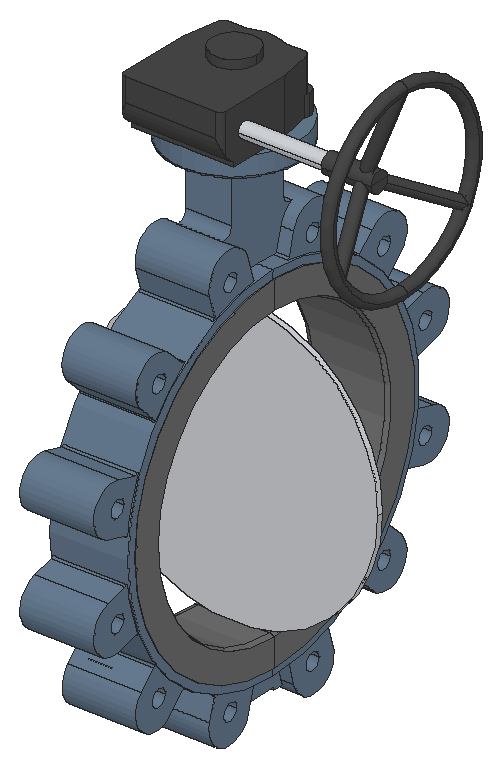
Revit family "HERZ Isolating Butterfly Valves AF-4219 with gearbox", category Rohrzubehör, Revit 2020 (continued)
Dimensions and locks
  "L03": plane 3 "Mitte (Links/rechts)" to Revolve 6 sketch curve
  "L02": Revolve 6 sketch curve to plane 3 "Mitte (Links/rechts)"
  "L03": Revolve 6 sketch curve to plane 3 "Mitte (Links/rechts)"
  "L01": plane 3 "Mitte (Links/rechts)" to Revolve 1 sketch curve
  "D02": Revolve 1 sketch curve to plane 2
  "L02": plane 3 "Mitte (Links/rechts)" to Revolve 6 sketch curve
  "D03": plane 2 to Revolve 6 sketch curve
  "L04": Revolve 6 sketch curve to plane 3 "Mitte (Links/rechts)" to Revolve 6 sketch curve
  "L01": curve 2 to plane 3 "Mitte (Links/rechts)" to curve 4
  equal spacing: curve 3, curve 6, curve 1
  equal spacing: curve 2, curve 6, curve 4
  "D01": curve 1 to plane 1 "Mitte (Vorne/hinten)" to curve 3
  "L01": curve 7 to curve 12 to curve 9
  "D01": curve 10 to curve 12 to curve 8
  "R99": radius of Revolve 2 sketch curve
  "D06": radius of Extrusion 7 sketch curve
  radius of curve 6 = 5 mm
  radius of curve 12 = 5 mm
  aligned and locked: level to plane 2
Automatic sketch dimensions
  Extrusion 3 sketch curve to Extrusion 3 sketch curve = 0 mm  (x20)
  Extrusion 3 sketch curve to level = 0 mm
  Extrusion 3 sketch curve to plane 1 "Mitte (Vorne/hinten)" = 0 mm
  plane 1 "Mitte (Vorne/hinten)" to Extrusion 3 sketch curve = 18.495 mm  (x2)
  Extrusion 3 sketch curve to Extrusion 3 sketch curve = 1.414 mm  (x16)
  Extrusion 3 sketch curve to Extrusion 3 sketch curve = 12.265 mm  (x8)
  Extrusion 3 sketch curve to level = 19.909 mm  (x2)
  Extrusion 3 sketch curve to Extrusion 3 sketch curve = 24.042 mm  (x8)
  level to Extrusion 3 sketch curve = 19.909 mm  (x2)
  Extrusion 3 sketch curve to Extrusion 3 sketch curve = 12.021 mm  (x12)
  Extrusion 3 sketch curve to plane 1 "Mitte (Vorne/hinten)" = 18.495 mm  (x2)
  Extrusion 3 sketch curve to Extrusion 3 sketch curve = 0.934 mm  (x4)
  Extrusion 4 sketch curve to level = 0 mm
  Extrusion 4 sketch curve to plane 1 "Mitte (Vorne/hinten)" = 0 mm
  plane 1 "Mitte (Vorne/hinten)" to Extrusion 4 sketch curve = 18.495 mm
  Extrusion 4 sketch curve to Extrusion 4 sketch curve = 1.414 mm  (x4)
  plane 1 "Mitte (Vorne/hinten)" to Extrusion 4 sketch curve = 20 mm
  Extrusion 4 sketch curve to Extrusion 4 sketch curve = 12.265 mm  (x2)
  Extrusion 4 sketch curve to Extrusion 4 sketch curve = 15 mm  (x2)
  Extrusion 4 sketch curve to Extrusion 4 sketch curve = 12.021 mm  (x4)
  Extrusion 4 sketch curve to plane 1 "Mitte (Vorne/hinten)" = 18.495 mm
  Extrusion 4 sketch curve to plane 1 "Mitte (Vorne/hinten)" = 20 mm
  level to Extrusion 4 sketch curve = 43.95 mm
  Extrusion 4 sketch curve to Extrusion 4 sketch curve = 0 mm
  Extrusion 4 sketch curve to Extrusion 4 sketch curve = 0.244 mm  (x2)
  Extrusion 4 sketch curve to Extrusion 4 sketch curve = 18.63 mm  (x2)
  Extrusion 4 sketch curve to Extrusion 4 sketch curve = 0.934 mm
  Extrusion 5 sketch curve to level = 0 mm
  Extrusion 5 sketch curve to plane 1 "Mitte (Vorne/hinten)" = 0 mm
  plane 1 "Mitte (Vorne/hinten)" to Extrusion 5 sketch curve = 15 mm
  Extrusion 5 sketch curve to Extrusion 5 sketch curve = 1.963 mm  (x2)
  Extrusion 5 sketch curve to Extrusion 5 sketch curve = 1.531 mm  (x2)
  Extrusion 5 sketch curve to Extrusion 5 sketch curve = 1.414 mm  (x4)
  Extrusion 5 sketch curve to Extrusion 5 sketch curve = 15.21 mm  (x2)
  Extrusion 5 sketch curve to Extrusion 5 sketch curve = 1.66 mm  (x2)
  Extrusion 5 sketch curve to Extrusion 5 sketch curve = 12.021 mm  (x3)
  Extrusion 5 sketch curve to plane 1 "Mitte (Vorne/hinten)" = 15 mm
  Extrusion 5 sketch curve to Extrusion 5 sketch curve = 1.037 mm  (x2)
  Extrusion 5 sketch curve to Extrusion 5 sketch curve = 1.4 mm  (x2)
  Extrusion 5 sketch curve to Extrusion 5 sketch curve = 1.785 mm  (x2)
  Extrusion 5 sketch curve to Extrusion 5 sketch curve = 12.635 mm  (x2)
  Extrusion 5 sketch curve to Extrusion 5 sketch curve = 0.934 mm
  Extrusion 5 sketch curve to Extrusion 5 sketch curve = 0.788 mm  (x2)
  Extrusion 5 sketch curve to Extrusion 5 sketch curve = 0 mm  (x2)
  Extrusion 4 sketch curve to Extrusion 4 sketch curve = 37.155 mm
  Extrusion 5 sketch curve to level = 43.95 mm
  Extrusion 8 sketch curve to Extrusion 8 sketch curve = 0 mm  (x12)
  Extrusion 8 sketch curve to level = 39.244 mm  (x2)
  plane 1 "Mitte (Vorne/hinten)" to Extrusion 8 sketch curve = 63.286 mm
  level to Extrusion 8 sketch curve = 39.244 mm  (x2)
  Extrusion 8 sketch curve to Extrusion 8 sketch curve = 9.19 mm  (x2)
  level to Extrusion 8 sketch curve = 28.614 mm  (x2)
  Extrusion 8 sketch curve to Extrusion 8 sketch curve = 1.441 mm  (x8)
  Extrusion 8 sketch curve to level = 28.614 mm  (x2)
  Extrusion 8 sketch curve to Extrusion 8 sketch curve = 12.021 mm  (x6)
  level to Extrusion 8 sketch curve = 63.286 mm  (x2)
  Extrusion 8 sketch curve to level = 63.286 mm  (x2)
  level to Extrusion 8 sketch curve = 52.636 mm  (x2)
  Extrusion 8 sketch curve to Extrusion 8 sketch curve = 10.65 mm  (x4)
  Extrusion 8 sketch curve to level = 52.636 mm  (x2)
  Extrusion 8 sketch curve to Extrusion 8 sketch curve = 1.414 mm  (x8)
  level to Extrusion 8 sketch curve = 0.001 mm  (x2)
  Extrusion 8 sketch curve to Extrusion 8 sketch curve = 28.594 mm
  Extrusion 8 sketch curve to level = 0.001 mm  (x2)
  Extrusion 8 sketch curve to Extrusion 8 sketch curve = 0.001 mm  (x2)
  Extrusion 8 sketch curve to Extrusion 8 sketch curve = 54.361 mm  (x2)
  Extrusion 8 sketch curve to Extrusion 8 sketch curve = 1.39 mm  (x2)
  Extrusion 8 sketch curve to Extrusion 8 sketch curve = 10.63 mm  (x2)
  Extrusion 8 sketch curve to Extrusion 8 sketch curve = 1.832 mm  (x2)
  Extrusion 9 sketch curve to Extrusion 9 sketch curve = 0 mm  (x5)
  Extrusion 9 sketch curve to level = 0 mm
  Extrusion 9 sketch curve to level = 51.265 mm
  plane 1 "Mitte (Vorne/hinten)" to Extrusion 9 sketch curve = 51.265 mm
  level to Extrusion 9 sketch curve = 51.265 mm
  Extrusion 9 sketch curve to Extrusion 9 sketch curve = 9.247 mm  (x3)
  Extrusion 9 sketch curve to level = 63.286 mm  (x2)
  Extrusion 9 sketch curve to Extrusion 9 sketch curve = 2.774 mm  (x4)
  level to Extrusion 9 sketch curve = 63.286 mm  (x2)
  Extrusion 9 sketch curve to Extrusion 9 sketch curve = 2.244 mm  (x2)
  Extrusion 9 sketch curve to Extrusion 9 sketch curve = 0.183 mm  (x2)
  level to Extrusion 9 sketch curve = 52.636 mm  (x2)
  Extrusion 9 sketch curve to Extrusion 9 sketch curve = 10.65 mm  (x3)
  Extrusion 9 sketch curve to level = 52.636 mm  (x2)
  Extrusion 9 sketch curve to Extrusion 9 sketch curve = 1.414 mm  (x8)
  Extrusion 9 sketch curve to Extrusion 9 sketch curve = 14.817 mm  (x2)
  Extrusion 9 sketch curve to Extrusion 9 sketch curve = 7.21 mm
  Extrusion 9 sketch curve to Extrusion 9 sketch curve = 1.971 mm
  Extrusion 9 sketch curve to Extrusion 9 sketch curve = 28.595 mm
  Extrusion 9 sketch curve to Extrusion 9 sketch curve = 36 mm
  Extrusion 9 sketch curve to Extrusion 9 sketch curve = 1.997 mm
  Extrusion 9 sketch curve to Extrusion 9 sketch curve = 44 mm
  Extrusion 9 sketch curve to Extrusion 9 sketch curve = 5.181 mm
  Extrusion 9 sketch curve to Extrusion 9 sketch curve = 7.184 mm
  Extrusion 9 sketch curve to Extrusion 9 sketch curve = 12.021 mm  (x2)
  Extrusion 9 sketch curve to Extrusion 9 sketch curve = 14.891 mm
  Extrusion 9 sketch curve to Extrusion 9 sketch curve = 6.473 mm
  Extrusion 9 sketch curve to Extrusion 9 sketch curve = 12.756 mm  (x2)
  Extrusion 9 sketch curve to Extrusion 9 sketch curve = 55.987 mm
  Extrusion 10 sketch curve to Extrusion 10 sketch curve = 0 mm  (x48)
  level to Extrusion 10 sketch curve = 14.909 mm  (x2)
  plane 1 "Mitte (Vorne/hinten)" to Extrusion 10 sketch curve = 80.416 mm
  Extrusion 10 sketch curve to level = 14.909 mm  (x2)
  Extrusion 10 sketch curve to Extrusion 10 sketch curve = 6.506 mm  (x6)
  Extrusion 10 sketch curve to level = 46.321 mm  (x2)
  level to Extrusion 10 sketch curve = 46.321 mm  (x2)
  Extrusion 10 sketch curve to level = 7.243 mm
  Extrusion 10 sketch curve to Extrusion 10 sketch curve = 13.321 mm
  level to Extrusion 10 sketch curve = 7.243 mm
  Extrusion 10 sketch curve to level = 9.076 mm  (x2)
  Extrusion 10 sketch curve to Extrusion 10 sketch curve = 0.759 mm  (x8)
  level to Extrusion 10 sketch curve = 9.076 mm  (x2)
  level to Extrusion 10 sketch curve = 40.487 mm  (x2)
  Extrusion 10 sketch curve to Extrusion 10 sketch curve = 14.082 mm  (x4)
  Extrusion 10 sketch curve to level = 40.487 mm  (x2)
  Extrusion 10 sketch curve to Extrusion 10 sketch curve = 0.758 mm  (x8)
  level to Extrusion 10 sketch curve = 67.405 mm  (x2)
  Extrusion 10 sketch curve to Extrusion 10 sketch curve = 6.243 mm  (x2)
  Extrusion 10 sketch curve to level = 67.405 mm  (x2)
  Extrusion 10 sketch curve to Extrusion 10 sketch curve = 10.245 mm  (x4)
  level to Extrusion 10 sketch curve = 53.322 mm  (x2)
  Extrusion 10 sketch curve to Extrusion 10 sketch curve = 1.831 mm  (x8)
  Extrusion 10 sketch curve to level = 53.322 mm  (x2)
  Extrusion 10 sketch curve to Extrusion 10 sketch curve = 15.706 mm  (x6)
  level to Extrusion 10 sketch curve = 80.416 mm  (x2)
  Extrusion 10 sketch curve to level = 80.416 mm  (x2)
  Extrusion 10 sketch curve to level = 66.335 mm  (x2)
  Extrusion 10 sketch curve to Extrusion 10 sketch curve = 5.832 mm  (x4)
  level to Extrusion 10 sketch curve = 66.335 mm  (x2)
  Extrusion 10 sketch curve to Extrusion 10 sketch curve = 1.833 mm  (x6)
  level to Extrusion 10 sketch curve = 0 mm
  Extrusion 10 sketch curve to Extrusion 10 sketch curve = 14.486 mm  (x2)
  Extrusion 10 sketch curve to Extrusion 10 sketch curve = 9.873 mm  (x2)
  Extrusion 10 sketch curve to Extrusion 10 sketch curve = 5.833 mm  (x2)
  Extrusion 10 sketch curve to Extrusion 10 sketch curve = 13.013 mm
  Extrusion 10 sketch curve to Extrusion 10 sketch curve = 14.081 mm  (x2)
  Extrusion 10 sketch curve to Extrusion 10 sketch curve = 1.973 mm  (x4)
  Extrusion 10 sketch curve to Extrusion 10 sketch curve = 1.544 mm  (x4)
  Extrusion 10 sketch curve to Extrusion 10 sketch curve = 1.243 mm  (x3)
  Extrusion 10 sketch curve to Extrusion 10 sketch curve = 0.211 mm  (x2)
  Extrusion 10 sketch curve to Extrusion 10 sketch curve = 0.002 mm  (x5)
  Extrusion 10 sketch curve to Extrusion 10 sketch curve = 0.213 mm  (x2)
  Extrusion 10 sketch curve to Extrusion 10 sketch curve = 41.076 mm
  Extrusion 10 sketch curve to level = 0 mm
  level to Extrusion 11 sketch curve = 100.814 mm
  plane 1 "Mitte (Vorne/hinten)" to Extrusion 11 sketch curve = 32 mm
  Extrusion 11 sketch curve to Extrusion 11 sketch curve = 1.385 mm
  Extrusion 11 sketch curve to Extrusion 11 sketch curve = 10 mm  (x2)
  Extrusion 11 sketch curve to level = 80.416 mm
  Extrusion 11 sketch curve to Extrusion 11 sketch curve = 15.706 mm  (x3)
  level to Extrusion 11 sketch curve = 80.416 mm  (x2)
  Extrusion 11 sketch curve to Extrusion 11 sketch curve = 1.409 mm
  Extrusion 11 sketch curve to level = 66.335 mm  (x2)
  Extrusion 11 sketch curve to Extrusion 11 sketch curve = 5.832 mm  (x3)
  level to Extrusion 11 sketch curve = 66.335 mm  (x2)
  Extrusion 11 sketch curve to Extrusion 11 sketch curve = 1.833 mm  (x4)
  level to Extrusion 11 sketch curve = 0.554 mm
  Extrusion 11 sketch curve to Extrusion 11 sketch curve = 9.076 mm
  Extrusion 11 sketch curve to level = 0.554 mm
  Extrusion 11 sketch curve to Extrusion 11 sketch curve = 0 mm  (x3)
  Extrusion 11 sketch curve to Extrusion 11 sketch curve = 14.486 mm  (x2)
  Extrusion 11 sketch curve to Extrusion 11 sketch curve = 44 mm
  Extrusion 11 sketch curve to Extrusion 11 sketch curve = 0.759 mm  (x4)
  Extrusion 11 sketch curve to Extrusion 11 sketch curve = 6.506 mm
  Extrusion 11 sketch curve to Extrusion 11 sketch curve = 42.686 mm
  Extrusion 11 sketch curve to level = 80.371 mm
  Extrusion 11 sketch curve to Extrusion 11 sketch curve = 1.39 mm
  Extrusion 11 sketch curve to Extrusion 11 sketch curve = 27 mm
  Extrusion 12 sketch curve to Extrusion 12 sketch curve = 0 mm  (x40)
  Extrusion 12 sketch curve to level = 0 mm
  level to Extrusion 12 sketch curve = 18.736 mm  (x2)
  plane 1 "Mitte (Vorne/hinten)" to Extrusion 12 sketch curve = 89.655 mm
  Extrusion 12 sketch curve to level = 18.736 mm  (x2)
  Extrusion 12 sketch curve to Extrusion 12 sketch curve = 6.506 mm  (x6)
  Extrusion 12 sketch curve to level = 50.147 mm  (x2)
  level to Extrusion 12 sketch curve = 50.147 mm  (x2)
  Extrusion 12 sketch curve to Extrusion 12 sketch curve = 13.415 mm  (x2)
  Extrusion 12 sketch curve to level = 12.858 mm  (x2)
  Extrusion 12 sketch curve to Extrusion 12 sketch curve = 0.776 mm  (x8)
  level to Extrusion 12 sketch curve = 12.858 mm  (x2)
  Extrusion 12 sketch curve to level = 44.269 mm  (x2)
  Extrusion 12 sketch curve to Extrusion 12 sketch curve = 14.192 mm  (x4)
  level to Extrusion 12 sketch curve = 44.269 mm  (x2)
  Extrusion 12 sketch curve to Extrusion 12 sketch curve = 0.775 mm  (x8)
  level to Extrusion 12 sketch curve = 76.644 mm  (x2)
  Extrusion 12 sketch curve to Extrusion 12 sketch curve = 11.529 mm  (x2)
  Extrusion 12 sketch curve to level = 76.644 mm  (x2)
  Extrusion 12 sketch curve to Extrusion 12 sketch curve = 4.008 mm  (x2)
  level to Extrusion 12 sketch curve = 62.451 mm  (x2)
  Extrusion 12 sketch curve to Extrusion 12 sketch curve = 1.871 mm  (x8)
  Extrusion 12 sketch curve to level = 62.451 mm  (x2)
  Extrusion 12 sketch curve to Extrusion 12 sketch curve = 15.706 mm  (x6)
  level to Extrusion 12 sketch curve = 89.655 mm  (x2)
  Extrusion 12 sketch curve to level = 89.655 mm  (x2)
  Extrusion 12 sketch curve to level = 75.464 mm  (x2)
  Extrusion 12 sketch curve to Extrusion 12 sketch curve = 5.878 mm  (x4)
  level to Extrusion 12 sketch curve = 75.464 mm  (x2)
  Extrusion 12 sketch curve to Extrusion 12 sketch curve = 1.873 mm  (x8)
  Extrusion 12 sketch curve to Extrusion 12 sketch curve = 21.969 mm  (x2)
  Extrusion 12 sketch curve to Extrusion 12 sketch curve = 9.827 mm  (x2)
  Extrusion 12 sketch curve to Extrusion 12 sketch curve = 5.879 mm  (x2)
  Extrusion 12 sketch curve to Extrusion 12 sketch curve = 15.537 mm  (x2)
  Extrusion 12 sketch curve to Extrusion 12 sketch curve = 13.013 mm
  Extrusion 12 sketch curve to Extrusion 12 sketch curve = 14.19 mm  (x2)
  Extrusion 12 sketch curve to Extrusion 12 sketch curve = 44.269 mm
  Extrusion 13 sketch curve to Extrusion 13 sketch curve = 0 mm  (x5)
  Extrusion 13 sketch curve to level = 0 mm
  level to Extrusion 13 sketch curve = 114.47 mm
  plane 1 "Mitte (Vorne/hinten)" to Extrusion 13 sketch curve = 41 mm
  Extrusion 13 sketch curve to level = 83.149 mm
  Extrusion 13 sketch curve to Extrusion 13 sketch curve = 6.558 mm  (x2)
  Extrusion 13 sketch curve to Extrusion 13 sketch curve = 15 mm  (x2)
  level to Extrusion 13 sketch curve = 89.655 mm  (x2)
  Extrusion 13 sketch curve to Extrusion 13 sketch curve = 15.706 mm  (x2)
  Extrusion 13 sketch curve to Extrusion 13 sketch curve = 5.236 mm  (x2)
  level to Extrusion 13 sketch curve = 75.464 mm  (x2)
  Extrusion 13 sketch curve to Extrusion 13 sketch curve = 5.878 mm  (x3)
  Extrusion 13 sketch curve to level = 75.464 mm  (x2)
  Extrusion 13 sketch curve to Extrusion 13 sketch curve = 1.873 mm  (x4)
  Extrusion 13 sketch curve to Extrusion 13 sketch curve = 12.858 mm
  Extrusion 13 sketch curve to Extrusion 13 sketch curve = 21.969 mm
  Extrusion 13 sketch curve to Extrusion 13 sketch curve = 3.345 mm
  Extrusion 13 sketch curve to Extrusion 13 sketch curve = 3 mm  (x2)
  Extrusion 13 sketch curve to Extrusion 13 sketch curve = 6.506 mm  (x3)
  Extrusion 13 sketch curve to Extrusion 13 sketch curve = 0.776 mm  (x4)
  Extrusion 13 sketch curve to Extrusion 13 sketch curve = 31.321 mm
  Extrusion 13 sketch curve to Extrusion 13 sketch curve = 52.53 mm
  Extrusion 13 sketch curve to Extrusion 13 sketch curve = 11.129 mm  (x2)
  Extrusion 13 sketch curve to Extrusion 13 sketch curve = 9.812 mm  (x2)
  Extrusion 13 sketch curve to Extrusion 13 sketch curve = 3.078 mm
  Extrusion 13 sketch curve to Extrusion 13 sketch curve = 21.68 mm
  Extrusion 13 sketch curve to Extrusion 13 sketch curve = 2.515 mm
  Extrusion 13 sketch curve to Extrusion 13 sketch curve = 52 mm
  Extrusion 14 sketch curve to Extrusion 14 sketch curve = 0 mm  (x22)
  Extrusion 14 sketch curve to level = 24.476 mm  (x2)
  plane 1 "Mitte (Vorne/hinten)" to Extrusion 14 sketch curve = 103.513 mm
  level to Extrusion 14 sketch curve = 24.476 mm  (x2)
  Extrusion 14 sketch curve to Extrusion 14 sketch curve = 6.506 mm  (x6)
  Extrusion 14 sketch curve to Extrusion 14 sketch curve = 11.623 mm  (x2)
  Extrusion 14 sketch curve to level = 19.351 mm  (x2)
  Extrusion 14 sketch curve to Extrusion 14 sketch curve = 0.749 mm  (x8)
  level to Extrusion 14 sketch curve = 19.351 mm  (x2)
  Extrusion 14 sketch curve to level = 55.888 mm  (x2)
  level to Extrusion 14 sketch curve = 55.888 mm  (x2)
  Extrusion 14 sketch curve to level = 50.783 mm  (x2)
  Extrusion 14 sketch curve to Extrusion 14 sketch curve = 12.323 mm  (x4)
  level to Extrusion 14 sketch curve = 50.783 mm  (x2)
  Extrusion 14 sketch curve to Extrusion 14 sketch curve = 0.774 mm  (x8)
  level to Extrusion 14 sketch curve = 90.502 mm  (x2)
  Extrusion 14 sketch curve to Extrusion 14 sketch curve = 21.517 mm  (x2)
  Extrusion 14 sketch curve to level = 90.502 mm  (x2)
  Extrusion 14 sketch curve to Extrusion 14 sketch curve = 3.235 mm  (x2)
  Extrusion 14 sketch curve to level = 78.179 mm  (x2)
  Extrusion 14 sketch curve to Extrusion 14 sketch curve = 1.869 mm  (x8)
  level to Extrusion 14 sketch curve = 78.179 mm  (x2)
  Extrusion 14 sketch curve to Extrusion 14 sketch curve = 15.706 mm  (x6)
  level to Extrusion 14 sketch curve = 103.513 mm  (x2)
  Extrusion 14 sketch curve to level = 103.513 mm  (x2)
  level to Extrusion 14 sketch curve = 91.141 mm  (x2)
  Extrusion 14 sketch curve to Extrusion 14 sketch curve = 5.125 mm  (x4)
  Extrusion 14 sketch curve to level = 91.141 mm  (x2)
  Extrusion 14 sketch curve to Extrusion 14 sketch curve = 1.809 mm  (x8)
  Extrusion 14 sketch curve to level = 0.103 mm  (x2)
  Extrusion 14 sketch curve to Extrusion 14 sketch curve = 90.896 mm
  level to Extrusion 14 sketch curve = 0.103 mm  (x2)
  Extrusion 14 sketch curve to Extrusion 14 sketch curve = 0.142 mm  (x7)
  Extrusion 14 sketch curve to Extrusion 14 sketch curve = 0.207 mm  (x2)
  Extrusion 14 sketch curve to Extrusion 14 sketch curve = 35.084 mm  (x2)
  Extrusion 14 sketch curve to Extrusion 14 sketch curve = 10.601 mm  (x2)
  Extrusion 14 sketch curve to Extrusion 14 sketch curve = 5.104 mm  (x2)
  Extrusion 14 sketch curve to Extrusion 14 sketch curve = 24.752 mm  (x2)
  Extrusion 14 sketch curve to Extrusion 14 sketch curve = 12.962 mm  (x2)
  Extrusion 14 sketch curve to Extrusion 14 sketch curve = 12.372 mm  (x2)
  Extrusion 14 sketch curve to level = 0.245 mm
  Extrusion 14 sketch curve to Extrusion 14 sketch curve = 1.933 mm  (x2)
  Extrusion 14 sketch curve to Extrusion 14 sketch curve = 0.314 mm  (x2)
  level to Extrusion 15 sketch curve = 97.007 mm
  plane 1 "Mitte (Vorne/hinten)" to Extrusion 15 sketch curve = 40.182 mm
  Extrusion 15 sketch curve to level = 97.007 mm
  Extrusion 15 sketch curve to Extrusion 15 sketch curve = 0 mm  (x7)
  Extrusion 15 sketch curve to Extrusion 15 sketch curve = 4.132 mm
  Extrusion 15 sketch curve to Extrusion 15 sketch curve = 10.048 mm  (x2)
  Extrusion 15 sketch curve to Extrusion 15 sketch curve = 15.706 mm  (x3)
  level to Extrusion 15 sketch curve = 103.513 mm  (x2)
  level to Extrusion 15 sketch curve = 91.141 mm  (x2)
  Extrusion 15 sketch curve to Extrusion 15 sketch curve = 5.125 mm  (x3)
  Extrusion 15 sketch curve to level = 91.141 mm  (x2)
  Extrusion 15 sketch curve to Extrusion 15 sketch curve = 1.809 mm  (x4)
  Extrusion 15 sketch curve to Extrusion 15 sketch curve = 10.974 mm  (x2)
  Extrusion 15 sketch curve to level = 0.111 mm
  Extrusion 15 sketch curve to Extrusion 15 sketch curve = 19.35 mm
  level to Extrusion 15 sketch curve = 0.111 mm
  Extrusion 15 sketch curve to Extrusion 15 sketch curve = 35.081 mm
  Extrusion 15 sketch curve to Extrusion 15 sketch curve = 4.041 mm
  Extrusion 15 sketch curve to level = 103.513 mm
  Extrusion 15 sketch curve to Extrusion 15 sketch curve = 9.998 mm  (x2)
  Extrusion 15 sketch curve to Extrusion 15 sketch curve = 3 mm
  Extrusion 15 sketch curve to Extrusion 15 sketch curve = 6.505 mm  (x2)
  Extrusion 15 sketch curve to Extrusion 15 sketch curve = 0.749 mm  (x4)
  Extrusion 15 sketch curve to Extrusion 15 sketch curve = 20.176 mm  (x2)
  Extrusion 15 sketch curve to Extrusion 15 sketch curve = 62.311 mm
  Extrusion 15 sketch curve to Extrusion 15 sketch curve = 0.048 mm
  Extrusion 15 sketch curve to Extrusion 15 sketch curve = 11.626 mm  (x2)
  Extrusion 15 sketch curve to Extrusion 15 sketch curve = 27 mm
  Extrusion 15 sketch curve to Extrusion 15 sketch curve = 52 mm
  Extrusion 16 sketch curve to Extrusion 16 sketch curve = 0 mm  (x23)
  Extrusion 16 sketch curve to level = 26.521 mm  (x2)
  plane 1 "Mitte (Vorne/hinten)" to Extrusion 16 sketch curve = 118.902 mm
  level to Extrusion 16 sketch curve = 26.521 mm  (x2)
  Extrusion 16 sketch curve to Extrusion 16 sketch curve = 8.036 mm  (x6)
  Extrusion 16 sketch curve to Extrusion 16 sketch curve = 15.875 mm  (x2)
  level to Extrusion 16 sketch curve = 65.323 mm  (x2)
  Extrusion 16 sketch curve to level = 65.323 mm  (x2)
  level to Extrusion 16 sketch curve = 19.621 mm  (x2)
  Extrusion 16 sketch curve to Extrusion 16 sketch curve = 0.782 mm  (x8)
  Extrusion 16 sketch curve to level = 19.621 mm  (x2)
  Extrusion 16 sketch curve to level = 58.409 mm  (x2)
  Extrusion 16 sketch curve to Extrusion 16 sketch curve = 16.693 mm  (x4)
  level to Extrusion 16 sketch curve = 58.409 mm  (x2)
  Extrusion 16 sketch curve to Extrusion 16 sketch curve = 0.763 mm  (x8)
  Extrusion 16 sketch curve to level = 102.829 mm  (x2)
  Extrusion 16 sketch curve to Extrusion 16 sketch curve = 20.05 mm  (x2)
  level to Extrusion 16 sketch curve = 102.829 mm  (x2)
  Extrusion 16 sketch curve to Extrusion 16 sketch curve = 5.074 mm  (x2)
  level to Extrusion 16 sketch curve = 86.136 mm  (x2)
  Extrusion 16 sketch curve to Extrusion 16 sketch curve = 1.841 mm  (x8)
  Extrusion 16 sketch curve to level = 86.136 mm  (x2)
  Extrusion 16 sketch curve to Extrusion 16 sketch curve = 19.401 mm  (x6)
  level to Extrusion 16 sketch curve = 118.902 mm  (x2)
  Extrusion 16 sketch curve to level = 118.902 mm  (x2)
  level to Extrusion 16 sketch curve = 102.246 mm  (x2)
  Extrusion 16 sketch curve to Extrusion 16 sketch curve = 6.899 mm  (x4)
  Extrusion 16 sketch curve to level = 102.246 mm  (x2)
  Extrusion 16 sketch curve to Extrusion 16 sketch curve = 1.887 mm  (x8)
  level to Extrusion 16 sketch curve = 0.002 mm  (x2)
  Extrusion 16 sketch curve to Extrusion 16 sketch curve = 86.133 mm
  Extrusion 16 sketch curve to level = 0.002 mm
  Extrusion 16 sketch curve to Extrusion 16 sketch curve = 0.001 mm  (x8)
  Extrusion 16 sketch curve to Extrusion 16 sketch curve = 35.469 mm  (x2)
  Extrusion 16 sketch curve to Extrusion 16 sketch curve = 12.487 mm  (x2)
  Extrusion 16 sketch curve to Extrusion 16 sketch curve = 6.914 mm  (x2)
  Extrusion 16 sketch curve to Extrusion 16 sketch curve = 25.124 mm  (x2)
  Extrusion 16 sketch curve to Extrusion 16 sketch curve = 16.11 mm
  Extrusion 16 sketch curve to Extrusion 16 sketch curve = 16.656 mm  (x2)
  Extrusion 16 sketch curve to level = 0.003 mm
  Extrusion 16 sketch curve to Extrusion 16 sketch curve = 2.019 mm  (x2)
  Extrusion 16 sketch curve to Extrusion 16 sketch curve = 0.309 mm  (x2)
  Extrusion 16 sketch curve to Extrusion 16 sketch curve = 0.004 mm  (x2)
  Extrusion 17 sketch curve to Extrusion 17 sketch curve = 0 mm  (x7)
  Extrusion 17 sketch curve to level = 0 mm
  Extrusion 17 sketch curve to plane 1 "Mitte (Vorne/hinten)" = 0 mm
  plane 1 "Mitte (Vorne/hinten)" to Extrusion 17 sketch curve = 13.5 mm
  plane 1 "Mitte (Vorne/hinten)" to Extrusion 17 sketch curve = 17.734 mm  (x2)
  Extrusion 17 sketch curve to Extrusion 17 sketch curve = 1.887 mm  (x4)
  plane 1 "Mitte (Vorne/hinten)" to Extrusion 17 sketch curve = 26 mm
  Extrusion 17 sketch curve to Extrusion 17 sketch curve = 0.521 mm
  Extrusion 17 sketch curve to Extrusion 17 sketch curve = 13.021 mm  (x2)
  Extrusion 17 sketch curve to Extrusion 17 sketch curve = 4.341 mm  (x2)
  Extrusion 17 sketch curve to Extrusion 17 sketch curve = 10 mm  (x2)
  Extrusion 17 sketch curve to Extrusion 17 sketch curve = 19.401 mm  (x4)
  Extrusion 17 sketch curve to plane 1 "Mitte (Vorne/hinten)" = 13.5 mm
  Extrusion 17 sketch curve to plane 1 "Mitte (Vorne/hinten)" = 17.734 mm  (x2)
  Extrusion 17 sketch curve to Extrusion 17 sketch curve = 6.899 mm
  Extrusion 17 sketch curve to level = 102.246 mm
  Extrusion 17 sketch curve to Extrusion 17 sketch curve = 0.782 mm  (x4)
  Extrusion 17 sketch curve to Extrusion 17 sketch curve = 8.62 mm  (x4)
  Extrusion 17 sketch curve to Extrusion 17 sketch curve = 16.656 mm  (x4)
  Extrusion 17 sketch curve to Extrusion 17 sketch curve = 3 mm
  level to Extrusion 17 sketch curve = 102.246 mm
  Extrusion 17 sketch curve to Extrusion 17 sketch curve = 16.098 mm  (x2)
  Extrusion 17 sketch curve to Extrusion 17 sketch curve = 64 mm
  Extrusion 17 sketch curve to Extrusion 17 sketch curve = 4.938 mm
  Extrusion 18 sketch curve to Extrusion 18 sketch curve = 0 mm  (x62)
  Extrusion 18 sketch curve to level = 0 mm
  Extrusion 18 sketch curve to level = 17.891 mm  (x2)
  plane 1 "Mitte (Vorne/hinten)" to Extrusion 18 sketch curve = 147.909 mm
  level to Extrusion 18 sketch curve = 17.891 mm  (x2)
  Extrusion 18 sketch curve to Extrusion 18 sketch curve = 5.435 mm  (x6)
  Extrusion 18 sketch curve to level = 58.46 mm  (x2)
  level to Extrusion 18 sketch curve = 58.46 mm  (x2)
  Extrusion 18 sketch curve to Extrusion 18 sketch curve = 15.462 mm  (x2)
  level to Extrusion 18 sketch curve = 13.612 mm  (x2)
  Extrusion 18 sketch curve to Extrusion 18 sketch curve = 0.509 mm  (x8)
  Extrusion 18 sketch curve to level = 13.612 mm  (x2)
  Extrusion 18 sketch curve to level = 54.199 mm  (x2)
  Extrusion 18 sketch curve to Extrusion 18 sketch curve = 15.903 mm  (x4)
  level to Extrusion 18 sketch curve = 54.199 mm  (x2)
  Extrusion 18 sketch curve to Extrusion 18 sketch curve = 0.53 mm  (x8)
  Extrusion 18 sketch curve to level = 89.449 mm  (x2)
  Extrusion 18 sketch curve to Extrusion 18 sketch curve = 1.459 mm  (x2)
  level to Extrusion 18 sketch curve = 89.449 mm  (x2)
  Extrusion 18 sketch curve to Extrusion 18 sketch curve = 10.302 mm  (x2)
  Extrusion 18 sketch curve to level = 77.758 mm  (x2)
  Extrusion 18 sketch curve to Extrusion 18 sketch curve = 1.389 mm  (x8)
  level to Extrusion 18 sketch curve = 77.758 mm  (x2)
  Extrusion 18 sketch curve to Extrusion 18 sketch curve = 14.849 mm  (x6)
  Extrusion 18 sketch curve to level = 119.147 mm  (x2)
  level to Extrusion 18 sketch curve = 119.147 mm  (x2)
  level to Extrusion 18 sketch curve = 107.506 mm  (x2)
  Extrusion 18 sketch curve to Extrusion 18 sketch curve = 11.642 mm  (x4)
  Extrusion 18 sketch curve to level = 107.506 mm  (x2)
  Extrusion 18 sketch curve to Extrusion 18 sketch curve = 1.448 mm  (x8)
  level to Extrusion 18 sketch curve = 137.039 mm  (x2)
  Extrusion 18 sketch curve to Extrusion 18 sketch curve = 17.899 mm  (x2)
  Extrusion 18 sketch curve to level = 137.039 mm  (x2)
  Extrusion 18 sketch curve to Extrusion 18 sketch curve = 2.283 mm  (x2)
  Extrusion 18 sketch curve to level = 121.136 mm  (x2)
  Extrusion 18 sketch curve to Extrusion 18 sketch curve = 1.978 mm  (x8)
  level to Extrusion 18 sketch curve = 121.136 mm  (x2)
  Extrusion 18 sketch curve to Extrusion 18 sketch curve = 20.284 mm  (x6)
  Extrusion 18 sketch curve to level = 147.909 mm  (x2)
  level to Extrusion 18 sketch curve = 147.909 mm  (x2)
  level to Extrusion 18 sketch curve = 131.939 mm  (x2)
  Extrusion 18 sketch curve to Extrusion 18 sketch curve = 4.279 mm  (x4)
  Extrusion 18 sketch curve to level = 131.939 mm  (x2)
  Extrusion 18 sketch curve to Extrusion 18 sketch curve = 1.898 mm  (x8)
  Extrusion 18 sketch curve to Extrusion 18 sketch curve = 13.612 mm
  Extrusion 18 sketch curve to Extrusion 18 sketch curve = 23.429 mm  (x2)
  Extrusion 18 sketch curve to Extrusion 18 sketch curve = 16.023 mm  (x2)
  Extrusion 18 sketch curve to Extrusion 18 sketch curve = 4.261 mm  (x2)
  Extrusion 18 sketch curve to Extrusion 18 sketch curve = 20.183 mm  (x2)
  Extrusion 18 sketch curve to Extrusion 18 sketch curve = 3.158 mm  (x2)
  Extrusion 18 sketch curve to Extrusion 18 sketch curve = 11.691 mm  (x2)
  Extrusion 18 sketch curve to Extrusion 18 sketch curve = 11.76 mm  (x2)
  Extrusion 18 sketch curve to Extrusion 18 sketch curve = 10.803 mm
  Extrusion 18 sketch curve to Extrusion 18 sketch curve = 15.97 mm  (x2)
  Extrusion 19 sketch curve to Extrusion 19 sketch curve = 0 mm  (x5)
  Extrusion 19 sketch curve to level = 0 mm
  Extrusion 19 sketch curve to level = 142.474 mm
  plane 1 "Mitte (Vorne/hinten)" to Extrusion 19 sketch curve = 38.176 mm
  level to Extrusion 19 sketch curve = 142.474 mm
  Extrusion 19 sketch curve to Extrusion 19 sketch curve = 8.163 mm
  Extrusion 19 sketch curve to Extrusion 19 sketch curve = 2.013 mm  (x2)
  Extrusion 19 sketch curve to level = 147.909 mm
  Extrusion 19 sketch curve to Extrusion 19 sketch curve = 20.284 mm  (x3)
  level to Extrusion 19 sketch curve = 147.909 mm  (x2)
  Extrusion 19 sketch curve to Extrusion 19 sketch curve = 10.109 mm
  Extrusion 19 sketch curve to level = 131.939 mm  (x2)
  Extrusion 19 sketch curve to Extrusion 19 sketch curve = 4.279 mm  (x4)
  level to Extrusion 19 sketch curve = 131.939 mm  (x2)
  Extrusion 19 sketch curve to Extrusion 19 sketch curve = 1.898 mm  (x4)
  Extrusion 19 sketch curve to Extrusion 19 sketch curve = 13.612 mm
  Extrusion 19 sketch curve to Extrusion 19 sketch curve = 23.429 mm  (x2)
  Extrusion 19 sketch curve to Extrusion 19 sketch curve = 56 mm
  Extrusion 19 sketch curve to Extrusion 19 sketch curve = 5.435 mm  (x2)
  Extrusion 19 sketch curve to Extrusion 19 sketch curve = 0.509 mm  (x4)
  Extrusion 19 sketch curve to Extrusion 19 sketch curve = 16.081 mm  (x2)
  Extrusion 19 sketch curve to Extrusion 19 sketch curve = 66.01 mm
  Extrusion 19 sketch curve to Extrusion 19 sketch curve = 1.832 mm  (x2)
  Extrusion 19 sketch curve to Extrusion 19 sketch curve = 0.173 mm
  Extrusion 20 sketch curve to level = 22.097 mm  (x2)
  plane 1 "Mitte (Vorne/hinten)" to Extrusion 20 sketch curve = 177.618 mm
  level to Extrusion 20 sketch curve = 22.097 mm  (x2)
  Extrusion 20 sketch curve to Extrusion 20 sketch curve = 0 mm  (x17)
  Extrusion 20 sketch curve to Extrusion 20 sketch curve = 6.47 mm  (x4)
  Extrusion 20 sketch curve to Extrusion 20 sketch curve = 2.415 mm  (x8)
  level to Extrusion 20 sketch curve = 70.393 mm  (x2)
  Extrusion 20 sketch curve to level = 70.393 mm  (x2)
  Extrusion 20 sketch curve to Extrusion 20 sketch curve = 18.556 mm  (x2)
  Extrusion 20 sketch curve to level = 16.983 mm  (x2)
  Extrusion 20 sketch curve to Extrusion 20 sketch curve = 0.529 mm  (x16)
  level to Extrusion 20 sketch curve = 16.983 mm  (x2)
  level to Extrusion 20 sketch curve = 65.28 mm  (x2)
  Extrusion 20 sketch curve to Extrusion 20 sketch curve = 19.085 mm  (x6)
  Extrusion 20 sketch curve to level = 65.28 mm  (x2)
  Extrusion 20 sketch curve to level = 107.956 mm  (x2)
  Extrusion 20 sketch curve to Extrusion 20 sketch curve = 2.085 mm  (x2)
  level to Extrusion 20 sketch curve = 107.956 mm  (x2)
  Extrusion 20 sketch curve to Extrusion 20 sketch curve = 12.527 mm  (x2)
  level to Extrusion 20 sketch curve = 93.984 mm  (x2)
  Extrusion 20 sketch curve to Extrusion 20 sketch curve = 1.445 mm  (x16)
  Extrusion 20 sketch curve to level = 93.984 mm  (x2)
  Extrusion 20 sketch curve to Extrusion 20 sketch curve = 17.678 mm  (x4)
  Extrusion 20 sketch curve to Extrusion 20 sketch curve = 1.768 mm  (x8)
  level to Extrusion 20 sketch curve = 143.311 mm  (x2)
  Extrusion 20 sketch curve to level = 143.311 mm  (x2)
  Extrusion 20 sketch curve to level = 129.34 mm  (x2)
  Extrusion 20 sketch curve to Extrusion 20 sketch curve = 13.971 mm  (x6)
  level to Extrusion 20 sketch curve = 129.34 mm  (x2)
  level to Extrusion 20 sketch curve = 164.981 mm  (x2)
  Extrusion 20 sketch curve to Extrusion 20 sketch curve = 22.118 mm  (x2)
  Extrusion 20 sketch curve to level = 164.981 mm  (x2)
  Extrusion 20 sketch curve to Extrusion 20 sketch curve = 3.14 mm  (x2)
  level to Extrusion 20 sketch curve = 145.897 mm  (x2)
  Extrusion 20 sketch curve to Extrusion 20 sketch curve = 1.974 mm  (x8)
  Extrusion 20 sketch curve to level = 145.897 mm  (x2)
  Extrusion 20 sketch curve to Extrusion 20 sketch curve = 24.148 mm  (x4)
  Extrusion 20 sketch curve to Extrusion 20 sketch curve = 0.647 mm  (x8)
  level to Extrusion 20 sketch curve = 177.922 mm  (x2)
  Extrusion 20 sketch curve to level = 177.922 mm  (x2)
  level to Extrusion 20 sketch curve = 158.837 mm  (x2)
  Extrusion 20 sketch curve to Extrusion 20 sketch curve = 5.114 mm  (x6)
  Extrusion 20 sketch curve to level = 158.837 mm  (x2)
  Extrusion 20 sketch curve to Extrusion 20 sketch curve = 1.973 mm  (x8)
  Extrusion 20 sketch curve to level = 0.226 mm  (x2)
  Extrusion 20 sketch curve to Extrusion 20 sketch curve = 158.098 mm
  level to Extrusion 20 sketch curve = 0.226 mm
  level to Extrusion 20 sketch curve = 0.072 mm
  Extrusion 20 sketch curve to Extrusion 20 sketch curve = 0.128 mm  (x3)
  Extrusion 20 sketch curve to level = 0.072 mm
  Extrusion 20 sketch curve to Extrusion 20 sketch curve = 0.061 mm  (x4)
  Extrusion 20 sketch curve to level = 0.036 mm  (x2)
  Extrusion 20 sketch curve to Extrusion 20 sketch curve = 0.324 mm
  Extrusion 20 sketch curve to Extrusion 20 sketch curve = 29.244 mm  (x2)
  Extrusion 20 sketch curve to Extrusion 20 sketch curve = 23.501 mm  (x2)
  Extrusion 20 sketch curve to Extrusion 20 sketch curve = 19.681 mm  (x2)
  Extrusion 20 sketch curve to Extrusion 20 sketch curve = 25.258 mm  (x2)
  Extrusion 20 sketch curve to Extrusion 20 sketch curve = 15.91 mm  (x2)
  Extrusion 20 sketch curve to Extrusion 20 sketch curve = 5.474 mm  (x2)
  Extrusion 20 sketch curve to Extrusion 20 sketch curve = 14.612 mm  (x2)
  Extrusion 20 sketch curve to Extrusion 20 sketch curve = 12.94 mm
  Extrusion 20 sketch curve to Extrusion 20 sketch curve = 4.056 mm  (x2)
  Extrusion 20 sketch curve to Extrusion 20 sketch curve = 0.035 mm  (x2)
  level to Extrusion 20 sketch curve = 0.036 mm  (x2)
  Extrusion 20 sketch curve to Extrusion 20 sketch curve = 0.154 mm
  Extrusion 20 sketch curve to Extrusion 20 sketch curve = 2.037 mm  (x4)
  Extrusion 20 sketch curve to Extrusion 20 sketch curve = 1.856 mm  (x4)
  Extrusion 20 sketch curve to Extrusion 20 sketch curve = 1.841 mm  (x4)
  Extrusion 20 sketch curve to Extrusion 20 sketch curve = 1.179 mm  (x4)
  Extrusion 20 sketch curve to Extrusion 20 sketch curve = 0.856 mm  (x4)
  Extrusion 20 sketch curve to Extrusion 20 sketch curve = 0.153 mm  (x4)
  level to Extrusion 21 sketch curve = 171.452 mm
  plane 1 "Mitte (Vorne/hinten)" to Extrusion 21 sketch curve = 45.94 mm
  Extrusion 21 sketch curve to level = 171.452 mm
  Extrusion 21 sketch curve to Extrusion 21 sketch curve = 0 mm  (x2)
  Extrusion 21 sketch curve to Extrusion 21 sketch curve = 6.907 mm
  Extrusion 21 sketch curve to Extrusion 21 sketch curve = 11.901 mm
  Extrusion 21 sketch curve to Extrusion 21 sketch curve = 1.957 mm  (x2)
  Extrusion 21 sketch curve to level = 177.922 mm  (x2)
  Extrusion 21 sketch curve to Extrusion 21 sketch curve = 17.241 mm
  level to Extrusion 21 sketch curve = 177.922 mm  (x2)
  Extrusion 21 sketch curve to Extrusion 21 sketch curve = 10.291 mm  (x2)
  Extrusion 21 sketch curve to Extrusion 21 sketch curve = 0.709 mm  (x2)
  level to Extrusion 21 sketch curve = 158.808 mm  (x2)
  Extrusion 21 sketch curve to Extrusion 21 sketch curve = 5.122 mm  (x3)
  Extrusion 21 sketch curve to level = 158.808 mm  (x2)
  Extrusion 21 sketch curve to Extrusion 21 sketch curve = 1.932 mm  (x4)
  level to Extrusion 21 sketch curve = 0.021 mm
  Extrusion 21 sketch curve to Extrusion 21 sketch curve = 16.588 mm
  Extrusion 21 sketch curve to Extrusion 21 sketch curve = 29.311 mm  (x2)
  Extrusion 21 sketch curve to Extrusion 21 sketch curve = 24.148 mm
  Extrusion 21 sketch curve to Extrusion 21 sketch curve = 17.557 mm
  Extrusion 21 sketch curve to Extrusion 21 sketch curve = 3 mm
  Extrusion 21 sketch curve to Extrusion 21 sketch curve = 6.47 mm  (x2)
  Extrusion 21 sketch curve to Extrusion 21 sketch curve = 0.518 mm  (x4)
  Extrusion 21 sketch curve to level = 0.021 mm
  Extrusion 21 sketch curve to Extrusion 21 sketch curve = 17.717 mm  (x2)
  Extrusion 21 sketch curve to Extrusion 21 sketch curve = 67.361 mm
  Extrusion 21 sketch curve to Extrusion 21 sketch curve = 0.12 mm  (x2)
  Extrusion 21 sketch curve to Extrusion 21 sketch curve = 17.951 mm
  Extrusion 21 sketch curve to Extrusion 21 sketch curve = 6.344 mm
  level to Extrusion 22 sketch curve = 28.91 mm  (x2)
  plane 1 "Mitte (Vorne/hinten)" to Extrusion 22 sketch curve = 204.485 mm
  Extrusion 22 sketch curve to level = 28.91 mm  (x2)
  Extrusion 22 sketch curve to Extrusion 22 sketch curve = 0 mm  (x9)
  Extrusion 22 sketch curve to Extrusion 22 sketch curve = 6.47 mm  (x4)
  Extrusion 22 sketch curve to Extrusion 22 sketch curve = 4.83 mm  (x8)
  Extrusion 22 sketch curve to level = 77.206 mm  (x2)
  level to Extrusion 22 sketch curve = 77.206 mm  (x2)
  Extrusion 22 sketch curve to Extrusion 22 sketch curve = 20.758 mm  (x2)
  level to Extrusion 22 sketch curve = 23.212 mm  (x2)
  Extrusion 22 sketch curve to Extrusion 22 sketch curve = 0.507 mm  (x8)
  Extrusion 22 sketch curve to level = 23.212 mm  (x2)
  Extrusion 22 sketch curve to level = 71.52 mm  (x2)
  Extrusion 22 sketch curve to Extrusion 22 sketch curve = 21.221 mm  (x4)
  level to Extrusion 22 sketch curve = 71.52 mm  (x2)
  Extrusion 22 sketch curve to Extrusion 22 sketch curve = 0.521 mm  (x8)
  level to Extrusion 22 sketch curve = 127.279 mm  (x2)
  Extrusion 22 sketch curve to Extrusion 22 sketch curve = 7.168 mm  (x2)
  Extrusion 22 sketch curve to level = 127.279 mm  (x2)
  Extrusion 22 sketch curve to Extrusion 22 sketch curve = 14.182 mm  (x2)
  Extrusion 22 sketch curve to level = 111.712 mm  (x2)
  Extrusion 22 sketch curve to Extrusion 22 sketch curve = 1.386 mm  (x8)
  level to Extrusion 22 sketch curve = 111.712 mm  (x2)
  Extrusion 22 sketch curve to Extrusion 22 sketch curve = 17.678 mm  (x4)
  Extrusion 22 sketch curve to Extrusion 22 sketch curve = 3.536 mm  (x8)
  level to Extrusion 22 sketch curve = 162.635 mm  (x2)
  Extrusion 22 sketch curve to level = 162.635 mm  (x2)
  Extrusion 22 sketch curve to level = 147.1 mm  (x2)
  Extrusion 22 sketch curve to Extrusion 22 sketch curve = 15.535 mm  (x4)
  level to Extrusion 22 sketch curve = 147.1 mm  (x2)
  Extrusion 22 sketch curve to Extrusion 22 sketch curve = 1.423 mm  (x8)
  level to Extrusion 22 sketch curve = 191.544 mm  (x2)
  Extrusion 22 sketch curve to Extrusion 22 sketch curve = 33.115 mm  (x2)
  Extrusion 22 sketch curve to level = 191.544 mm  (x2)
  Extrusion 22 sketch curve to Extrusion 22 sketch curve = 3.742 mm  (x2)
  Extrusion 22 sketch curve to level = 170.323 mm  (x2)
  Extrusion 22 sketch curve to Extrusion 22 sketch curve = 1.944 mm  (x8)
  level to Extrusion 22 sketch curve = 170.323 mm  (x2)
  Extrusion 22 sketch curve to Extrusion 22 sketch curve = 24.148 mm  (x4)
  Extrusion 22 sketch curve to Extrusion 22 sketch curve = 1.294 mm  (x8)
  Extrusion 22 sketch curve to level = 204.485 mm  (x2)
  level to Extrusion 22 sketch curve = 204.485 mm  (x2)
  level to Extrusion 22 sketch curve = 183.22 mm  (x2)
  Extrusion 22 sketch curve to Extrusion 22 sketch curve = 5.698 mm  (x4)
  Extrusion 22 sketch curve to level = 183.22 mm  (x2)
  Extrusion 22 sketch curve to Extrusion 22 sketch curve = 1.893 mm  (x8)
  Extrusion 22 sketch curve to level = 0.029 mm
  Extrusion 22 sketch curve to Extrusion 22 sketch curve = 147.001 mm
  level to Extrusion 22 sketch curve = 0.029 mm  (x2)
  Extrusion 22 sketch curve to Extrusion 22 sketch curve = 0.008 mm  (x4)
  Extrusion 22 sketch curve to Extrusion 22 sketch curve = 0.029 mm  (x4)
  Extrusion 22 sketch curve to Extrusion 22 sketch curve = 0.057 mm  (x4)
  Extrusion 22 sketch curve to Extrusion 22 sketch curve = 42.638 mm  (x2)
  Extrusion 22 sketch curve to Extrusion 22 sketch curve = 22.854 mm  (x2)
  Extrusion 22 sketch curve to Extrusion 22 sketch curve = 19.756 mm  (x2)
  Extrusion 22 sketch curve to Extrusion 22 sketch curve = 5.686 mm  (x2)
  Extrusion 22 sketch curve to Extrusion 22 sketch curve = 36.857 mm  (x2)
  Extrusion 22 sketch curve to Extrusion 22 sketch curve = 14.142 mm  (x2)
  Extrusion 22 sketch curve to Extrusion 22 sketch curve = 5.646 mm  (x2)
  Extrusion 22 sketch curve to Extrusion 22 sketch curve = 15.567 mm  (x2)
  Extrusion 22 sketch curve to Extrusion 22 sketch curve = 21.349 mm  (x2)
  Extrusion 22 sketch curve to Extrusion 22 sketch curve = 12.897 mm
  Extrusion 22 sketch curve to Extrusion 22 sketch curve = 1.641 mm  (x2)
  Extrusion 22 sketch curve to Extrusion 22 sketch curve = 21.266 mm  (x2)
  Extrusion 22 sketch curve to level = 0.066 mm
  Extrusion 22 sketch curve to Extrusion 22 sketch curve = 0.037 mm
  Extrusion 22 sketch curve to Extrusion 22 sketch curve = 0.014 mm  (x4)
  Extrusion 22 sketch curve to Extrusion 22 sketch curve = 0.023 mm  (x3)
  Extrusion 22 sketch curve to Extrusion 22 sketch curve = 1.959 mm  (x2)
  Extrusion 22 sketch curve to Extrusion 22 sketch curve = 1.725 mm  (x2)
  Extrusion 23 sketch curve to Extrusion 23 sketch curve = 0 mm  (x4)
  Extrusion 23 sketch curve to level = 0 mm
  level to Extrusion 23 sketch curve = 198.015 mm
  plane 1 "Mitte (Vorne/hinten)" to Extrusion 23 sketch curve = 53.058 mm
  Extrusion 23 sketch curve to Extrusion 23 sketch curve = 11.058 mm
  Extrusion 23 sketch curve to Extrusion 23 sketch curve = 10 mm  (x2)
  Extrusion 23 sketch curve to Extrusion 23 sketch curve = 21.696 mm
  Extrusion 23 sketch curve to level = 204.485 mm
  Extrusion 23 sketch curve to Extrusion 23 sketch curve = 2.452 mm  (x2)
  level to Extrusion 23 sketch curve = 204.485 mm  (x2)
  Extrusion 23 sketch curve to Extrusion 23 sketch curve = 24.148 mm  (x3)
  Extrusion 23 sketch curve to level = 183.22 mm  (x2)
  Extrusion 23 sketch curve to Extrusion 23 sketch curve = 5.698 mm  (x3)
  level to Extrusion 23 sketch curve = 183.22 mm  (x2)
  Extrusion 23 sketch curve to Extrusion 23 sketch curve = 1.893 mm  (x4)
  Extrusion 23 sketch curve to Extrusion 23 sketch curve = 7.91 mm  (x2)
  Extrusion 23 sketch curve to Extrusion 23 sketch curve = 23.212 mm
  Extrusion 23 sketch curve to Extrusion 23 sketch curve = 42 mm
  Extrusion 23 sketch curve to Extrusion 23 sketch curve = 42.638 mm
  Extrusion 23 sketch curve to Extrusion 23 sketch curve = 0.319 mm
  Extrusion 23 sketch curve to Extrusion 23 sketch curve = 64 mm
  Extrusion 23 sketch curve to Extrusion 23 sketch curve = 2.951 mm
  Extrusion 23 sketch curve to Extrusion 23 sketch curve = 3 mm  (x2)
  Extrusion 23 sketch curve to Extrusion 23 sketch curve = 12.421 mm
  Extrusion 23 sketch curve to Extrusion 23 sketch curve = 0.507 mm  (x4)
  Extrusion 23 sketch curve to Extrusion 23 sketch curve = 6.47 mm
  Extrusion 23 sketch curve to Extrusion 23 sketch curve = 26.515 mm  (x2)
  Extrusion 23 sketch curve to Extrusion 23 sketch curve = 57 mm
  Extrusion 23 sketch curve to Extrusion 23 sketch curve = 0.014 mm  (x2)
  curve 12 to level = 0 mm
  curve 12 to plane 3 "Mitte (Links/rechts)" = 0 mm
  Revolve 1 sketch curve to level = 0 mm
  Revolve 1 sketch curve to Revolve 1 sketch curve = 1330.49 mm
  Revolve 1 sketch curve to Revolve 1 sketch curve = 1877.483 mm
  Revolve 2 sketch curve to plane 3 "Mitte (Links/rechts)" = 0 mm  (x2)
  Revolve 2 sketch curve to Revolve 2 sketch curve = 0.333 mm
  Revolve 2 sketch curve to level = 366.045 mm
  Revolve 2 sketch curve to Revolve 2 sketch curve = 2089.315 mm
  Revolve 6 sketch curve to level = 0 mm
  Revolve 6 sketch curve to Revolve 6 sketch curve = 1463.783 mm
  Revolve 6 sketch curve to Revolve 6 sketch curve = 1741.775 mm
  Extrusion 7 sketch curve to level = 0 mm
  Extrusion 7 sketch curve to plane 3 "Mitte (Links/rechts)" = 0 mm
  radius of Extrusion 3 sketch curve = 6.92 mm  (x4)
  radius of Extrusion 8 sketch curve = 6.92 mm  (x4)
  radius of Extrusion 10 sketch curve = 6.92 mm  (x8)
  radius of Extrusion 12 sketch curve = 6.92 mm  (x8)
  radius of Extrusion 14 sketch curve = 6.92 mm  (x8)
  radius of Extrusion 16 sketch curve = 8.645 mm  (x8)
  radius of Extrusion 18 sketch curve = 8.645 mm  (x12)
  radius of Extrusion 20 sketch curve = 8.645 mm  (x12)
  radius of Extrusion 22 sketch curve = 8.645 mm  (x12)
Nested families
  nested 1: "Herz-Logo-vorne" at (-15, 0, 92), visible <- "DN50", type "Herz-Logo-vorne", detail levels fine
  nested 2: "Herz-Logo-vorne" at (-18, 0, 116.5), visible <- "DN65", type "Herz-Logo-vorne", detail levels fine
  nested 3: "Herz-Logo-vorne" at (-18.5, 0, 123.5), visible <- "DN80", type "Herz-Logo-vorne", detail levels fine
  nested 4: "Herz-Logo-vorne" at (-18, 0, 147), visible <- "DN100", type "Herz-Logo-vorne", detail levels fine
  nested 5: "Herz-Logo-vorne" at (-18, 0, 166), visible <- "DN125", type "Herz-Logo-vorne", detail levels fine
  nested 6: "Herz-Logo-vorne" at (-18, 0, 179), visible <- "DN150", type "Herz-Logo-vorne", detail levels fine
  nested 7: "Herz-Logo-vorne" at (-20, 0, 210), visible <- "DN200", type "Herz-Logo-vorne", detail levels fine
  nested 8: "Herz-Logo-vorne" at (-23, 0, 243), visible <- "DN250", type "Herz-Logo-vorne", detail levels fine
  nested 9: "Herz-Logo-vorne" at (-23, 0, 268), visible <- "DN300", type "Herz-Logo-vorne", detail levels fine
  nested 10: "Getriebe für Klappe DN50-DN200" at (0, 0, 125), visible <- "DN50", type "Getriebe für Klappe DN50-DN200"
  nested 11: "Getriebe für Klappe DN50-DN200" at (0, 0, 149.5), visible <- "DN65", type "Getriebe für Klappe DN50-DN200"
  nested 12: "Getriebe für Klappe DN50-DN200" at (0, 0, 156.5), visible <- "DN80", type "Getriebe für Klappe DN50-DN200"
  nested 13: "Getriebe für Klappe DN50-DN200" at (0, 0, 182), visible <- "DN100", type "Getriebe für Klappe DN50-DN200"
  nested 14: "Getriebe für Klappe DN50-DN200" at (0, 0, 201), visible <- "DN125", type "Getriebe für Klappe DN50-DN200"
  nested 15: "Getriebe für Klappe DN50-DN200" at (0, 0, 214), visible <- "DN150", type "Getriebe für Klappe DN50-DN200"
  nested 16: "Getriebe für Klappe DN50-DN200" at (0, 0, 245), visible <- "DN200", type "Getriebe für Klappe DN50-DN200"
  nested 17: "Getriebe für Klappe DN250-DN300" at (0, 0, 283), visible <- "DN250", type "Getriebe für Klappe DN250-DN300"
  nested 18: "Getriebe für Klappe DN250-DN300" at (0, 0, 308), visible <- "DN300", type "Getriebe für Klappe DN250-DN300"
Connectors
  piping at (-40.5, 0, 0), diameter 300, driven by "Nennweite"
    settings: on Revolve 6, index 1, connector inside diameter 609.6 mm, connector length 0 mm, flow factor 0, pipe flow 0.0 L/s, pressure drop 0.0 Pa, fitting loss kfactor 0, connector angle 0.00°, fixture units 0, engagement length 0 mm, angle of deflection 0.00°, flow configuration 0, flow direction 0, fitting loss method 0, system type 29, joint type 0, gender type 0, connector reference index -1, connector utility 0, adjustable connector no, is connector primary yes, connector description ""
  piping at (40.5, 0, 0), diameter 300, driven by "Nennweite"
    settings: on Revolve 6, index 2, connector inside diameter 609.6 mm, connector length 0 mm, flow factor 0, pipe flow 0.0 L/s, pressure drop 0.0 Pa, fitting loss kfactor 0, connector angle 0.00°, fixture units 0, engagement length 0 mm, angle of deflection 0.00°, flow configuration 0, flow direction 0, fitting loss method 0, system type 29, joint type 0, gender type 0, connector reference index -1, connector utility 0, adjustable connector no, is connector primary no, connector description ""
Definition of nested family "Herz-Logo-vorne"
  Parameters (values of type "Herz-Logo-vorne")
    Default Elevation = 0 mm
  Reference planes
    plane 1 "Mitte (Vorne/hinten)": y = 0
    plane 2: z = 0
    plane 3 "Mitte (Links/rechts)": x = 0
  Forms (mm)
    Extrusion 1, solid
      sketch origin (0.732, -0.018, 0.017) x (0, -1, 0) y (0, 0, 1)
        loop
          line (-0.018, -4.517) -> (4.482, -4.517) -> (4.482, 4.483) -> (-4.518, 4.483) -> (-4.518, -4.517) -> (-0.018, -4.517)
        loop
          line (-0.05, -3.48) -> (3.482, -3.48) -> (3.482, 3.483) -> (-3.518, 3.483) -> (-3.518, -3.48) -> (-0.05, -3.48)
        loop
          arc (-0.018, 2.383) -> (-1.543, 3.287) -> (-3.067, 2.383) r 1.738
          arc (-3.067, 2.383) -> (-3.191, 1.899) -> (-3.067, 1.415) r 1.009
          line (-3.067, 1.415) -> (-0.018, -3.281) -> (3.032, 1.415)
          arc (3.032, 1.415) -> (3.156, 1.899) -> (3.032, 2.383) r 1.009
          arc (3.032, 2.383) -> (1.507, 3.287) -> (-0.018, 2.383) r 1.738
        loop
          arc (1.885, 1.272) -> (2.005, 1.675) -> (1.885, 2.079) r 0.74
          arc (1.885, 2.079) -> (1.265, 2.416) -> (0.644, 2.079) r 0.74
          line (0.644, 2.079) -> (-0.018, 0.97) -> (-0.679, 2.079)
          arc (-0.679, 2.079) -> (-1.3, 2.416) -> (-1.921, 2.079) r 0.74
          arc (-1.921, 2.079) -> (-2.04, 1.675) -> (-1.921, 1.272) r 0.74
          line (-1.921, 1.272) -> (-0.018, -1.658) -> (1.885, 1.272)
      from 0 to 1.5
  Dimensions and locks
    aligned and locked: level to plane 2
Definition of nested family "Getriebe für Klappe DN50-DN200"
  Parameters (values of type "Getriebe für Klappe DN50-DN200")
    W01 = 11.19°  # constant formula
    Default Elevation = 0 mm
    URL = "www.herz-armaturen.at"
    R07 = 92 mm  # constant formula
    R06 = 6 mm  # constant formula
    R05 = 10 mm  # constant formula
    R04 = 7.5 mm  # constant formula
    R03 = 10.5 mm  # constant formula
    R02 = 5.4 mm  # constant formula
    R01 = 44.9 mm  # constant formula
    M01 = 37 mm  # constant formula
    L03 = 52 mm  # constant formula
    L02 = 39.6 mm  # constant formula
    L01 = 80 mm  # constant formula
    Manufacturer = "Herz-Armaturen GmbH"  # constant formula
    H03 = 28.6 mm  # constant formula
    H02 = 20 mm  # constant formula
    H01 = 54 mm  # constant formula
    B05 = 209 mm  # constant formula
    B04 = 22 mm  # constant formula
    B03 = 50 mm  # constant formula
    B02 = 159 mm  # constant formula
    B01 = 51 mm  # constant formula
    A01 = 28.6 mm  # constant formula
  Reference planes
    plane 1 "Mitte (Vorne/hinten)": y = 0
    plane 2: z = 0
    plane 3 "Mitte (Links/rechts)": x = 0
  Forms (mm)
    Extrusion 1, solid, detail levels fine
      sketch origin (0, 0, 0) x (1, 0, 0) y (0, 1, 0)
        loop
          line (51, 0) -> (43.999, 35.392)
          arc (43.999, 35.392) -> (42.103, 38.419) -> (38.732, 39.6) r 5.4
          line (38.732, 39.6) -> (20.252, 39.6)
          arc (20.252, 39.6) -> (0, 44.427) -> (-20.252, 39.6) r 44.9
          line (-20.252, 39.6) -> (-38.732, 39.6)
          arc (-38.732, 39.6) -> (-42.103, 38.419) -> (-43.999, 35.392) r 5.4
          line (-43.999, 35.392) -> (-51, 0) -> (-51, -74.6)
          arc (-51, -74.6) -> (-49.418, -78.418) -> (-45.6, -80) r 5.4
          line (-45.6, -80) -> (45.6, -80)
          arc (45.6, -80) -> (49.418, -78.418) -> (51, -74.6) r 5.4
          line (51, -74.6) -> (51, 0)
      from 0 to 54
    Extrusion 2, solid, detail levels fine
      sketch origin (0, 0, 0) x (1, 0, 0) y (0, 1, 0)
        loop
          circle (-35.7, 37) r 10.5
        loop
          circle (35.7, 37) r 10.5
      from 0 to 20
    Extrusion 3, void
      sketch origin (0, 0, 0) x (0, 1, 0) y (0, 0, 1)
        loop
          line (-80, 0) -> (-64.573, 0) -> (-64.573, 4.9)
          arc (-64.573, 4.9) -> (-75.841, 15.433) -> (-80, 30.286) r 28.6
          line (-80, 30.286) -> (-80, 0)
      from -51 to 51
    Revolve 4, solid, detail levels fine
      sketch origin (0, 0, 28.6) x (1, 0, 0) y (0, 1, 0)
        loop
          line (0, -52) -> (0, -59.5) -> (159, -59.5) -> (159, -52) -> (0, -52)
        axis (0, -52) -> (159, -52)
      angle from 0 to 360
    Extrusion 5, solid, detail levels fine
      sketch origin (0, 0, 0) x (1, 0, 0) y (0, 1, 0)
        loop
          circle (0, 0) r 22.3
      from 54 to 63
    Revolve 6, solid, detail levels fine
      sketch origin (0, -52, 28.6) x (1, 0, 0) y (0, 0, 1)
        loop
          circle (209, 92) r 6
        axis (203, 0) -> (215, 0)
      angle from 0 to 360
    Revolve 7, solid, detail levels fine
      sketch origin (0, -52, 0) x (1, 0, 0) y (0, 0, 1)
        loop
          line (209, 120.6) -> (172, 28.6) -> (177.567, 26.361) -> (214.567, 118.361) -> (209, 120.6)
        axis (172, 28.6) -> (209, 120.6)
      angle from 0 to 360
    Revolve 8, solid, detail levels fine
      sketch origin (0, 0, 28.6) x (1, 0, 0) y (0, 1, 0)
        loop
          line (137, -59.5) -> (137, -62) -> (187, -62) -> (187, -52) -> (159, -52) -> (159, -59.5) -> (137, -59.5)
        axis (137, -52) -> (187, -52)
      angle from 0 to 360
    Revolve 9, solid, detail levels fine
      sketch origin (0, -27.232, 42.9) x (1, 0, 0) y (0, -0.866025, -0.5)
        loop
          line (209, 120.6) -> (172, 28.6) -> (177.567, 26.361) -> (214.567, 118.361) -> (209, 120.6)
        axis (172, 28.6) -> (209, 120.6)
      angle from 0 to 360
    Revolve 10, solid, detail levels fine
      sketch origin (0, -76.768, 42.9) x (1, 0, 0) y (0, 0.866025, -0.5)
        loop
          line (209, 120.6) -> (172, 28.6) -> (177.567, 26.361) -> (214.567, 118.361) -> (209, 120.6)
        axis (172, 28.6) -> (209, 120.6)
      angle from 0 to 360
  Cuts and joins
    Extrusion 3 cuts Extrusion 1
  Dimensions and locks
    "B01": Extrusion 1 sketch curve to plane 3 "Mitte (Links/rechts)"
    "B01": plane 3 "Mitte (Links/rechts)" to Extrusion 1 sketch curve
    "L02": plane 1 "Mitte (Vorne/hinten)" to Extrusion 1 sketch curve  (x2)
    "L01": Extrusion 1 sketch curve to plane 1 "Mitte (Vorne/hinten)"
    "M01": plane 1 "Mitte (Vorne/hinten)" to Extrusion 2 sketch curve  (x2)
    "H01": Extrusion 1 to plane 2
    "H02": Extrusion 2 to plane 2
    "L03": Revolve 4 sketch curve to plane 1 "Mitte (Vorne/hinten)"
    "R04": Revolve 4 sketch curve to Revolve 4 sketch curve
    "B02": Revolve 4 sketch curve to Revolve 4 sketch curve
    "H03": Revolve 8 to plane 2
    "H03": Revolve 4 to plane 2
    "L03": Revolve 8 sketch curve to plane 1 "Mitte (Vorne/hinten)"
    "B02": plane 3 "Mitte (Links/rechts)" to Revolve 8 sketch curve
    "R05": Revolve 8 sketch curve to Revolve 8 sketch curve
    "B03": Revolve 8 sketch curve to Revolve 8 sketch curve
    "B04": Revolve 8 sketch curve to Revolve 8 sketch curve
    "R04": Revolve 8 sketch curve to Revolve 8 sketch curve
    "B05": Revolve 6 sketch curve to plane 3 "Mitte (Links/rechts)"
    "R07": Revolve 6 sketch curve to Revolve 6 sketch curve
    "A01": plane 2 to Revolve 6 sketch curve
    "R02": radius of Extrusion 1 sketch curve  (x4)
    "R01": radius of Extrusion 1 sketch curve
    "R03": radius of Extrusion 2 sketch curve  (x2)
    "R06": radius of Revolve 6 sketch curve
